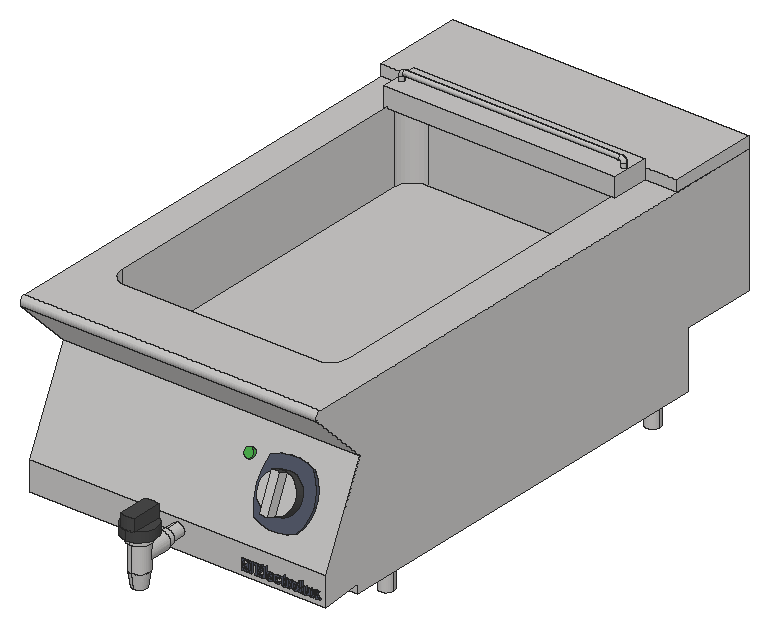
Revit family "QF_ELECTROLUXPROFESSIONAL_371142_E7FRED1E0N", category Specialty Equipment, Revit 2018
Family settings
  Round Connector Dimension = Use Diameter
  Part Type = Normal
  Work Plane-Based = No
  Always vertical = Yes
  Cut with Voids When Loaded = No
  Shared = No
  Room Calculation Point = No
Parameters
  Width = 400.05 mm  # constant formula
  Weight in Pounds = 55  # constant formula
  Watts = 8700 VA  # 8700 W
  Volts = 230 V  # constant formula
  URL Cutsheet = "www.electrolux.com/foodservice"
  URL = "www.electrolux.com/foodservice"
  Type Mark [instance] = ""
  Status [instance] = ""
  Specification by User [instance] = ""
  Specification by Manufacturer = ""
  Show Logo [instance] = yes
  Show Clearance [instance] = yes
  Serial Number = ""
  Seismic Rating = ""
  SMACNA No = ""
  Revision Code [instance] = ""
  Plumbing Remarks = ""
  Plumbing Connection Type = ""
  Phase = 3
  Omniclass Number and Title = ""
  Number of Poles [instance] = 1
  NAFEM Spec ID Number = ""
  Model = "371142"
  Min Ckt Ampacity = 0 A
  Max Overcurrent Protection = 0 A
  Masterspec = ""
  Manufacturer = "ELECTROLUX"
  Item Number [instance] = ""
  Installed By [instance] = ""
  Indirect Waste Size = 0"
  Indirect Waste Flow [instance] = 0 GPM
  Indirect Waste Connection Type = ""
  Indirect Waste Connection Height [instance] = 0 mm
  Identify Quantity as Lot [instance] = yes
  Height = 288.925 mm  # constant formula
  HP = "11.7 HP"
  Furnished By [instance] = ""
  Foodservice Equipment Identifier [instance] = yes
  FL Amps = if(Phase = 3, Watts / (Volts * 1.73), Watts / Volts)  # 21.8648 A
  Electrical Remarks [instance] = "230 V/3 ph/50/60 Hz"  # constant formula
  Electric Connection Type [instance] = ""
  Elec Conn RI Height [instance] = 0 mm
  Elec Conn Connection Height [instance] = 0 mm
  Direct Waste Size = 0"
  Description = "700XP Electric Fryer Tops"
  Depth = 730.25 mm  # constant formula
  Cycle [instance] = if([60 Hertz Option], 60 Hz, 50 Hz)  # 60 Hz
  Conn Plug = ""
  Conn Conduit = yes
  CSI MasterFormat = ""
  CSI Master Format = ""
  Base Height [instance] = 23.813 mm  # constant formula
  Apparent Power = if(Phase = 3, Volts * FL Amps * 1.73, Volts * FL Amps)  # 8700 VA
  60 Hertz Option [instance] = not([50 Hertz Option])  # yes
  50 Hertz Option [instance] = no
Reference planes
  plane 1 "BACK": y = 0
  plane 2: z = 0
  plane 3 "LEFT": x = 0
  plane 4 "RIGHT": x = 400.05
  plane 5 "FRONT": y = -730.25
  plane 6 "TOP": z = 288.925
  plane 7 "Center Y": x = 200.025
  plane 8 "Center X": y = -365.125
  plane 9 "BASE": z = 23.813
  plane 10 "TOP A": z = 273.813
  plane 11: y = -597.884
  plane 12: y = -147.637
Forms (mm)
  Extrusion 1, solid, material "QF_Finishes_Stainless Steel"
    sketch origin (0, 0, 0) x (0, 1, 0) y (0, 0, 1)
      loop
        line (0, 273.812) -> (-723.029, 273.812)
        arc (-723.029, 273.812) -> (-729.756, 269.318) -> (-728.178, 261.383) r 7.281
        line (-728.178, 261.383) -> (-657.416, 190.622) -> (-713.772, 69.003) -> (-713.772, 30.903) -> (-660.4, 36.513) -> (-660.4, 23.812) -> (-101.6, 23.812) -> (-101.6, 101.6) -> (0, 101.6) -> (0, 273.812)
    from 0 to 400.05
  Extrusion 2, solid, material "QF_Finishes_Stainless Steel"
    sketch origin (0, 0, 273.813) x (-1, 0, 0) y (0, -1, 0)
      loop
        line (0, 0) -> (0, 120.65) -> (-400.05, 120.65) -> (-400.05, 0) -> (0, 0)
    from 0 to 15.112
  Extrusion 3, void
    sketch origin (0, 0, 273.813) x (-1, 0, 0) y (0, -1, 0)
      loop
        arc (-72.425, 132.504) -> (-54.464, 139.943) -> (-47.025, 157.904) r 25.4
        line (-47.025, 157.904) -> (-47.025, 617.104)
        arc (-47.025, 617.104) -> (-54.464, 635.064) -> (-72.425, 642.504) r 25.4
        line (-72.425, 642.504) -> (-327.625, 642.504)
        arc (-327.625, 642.504) -> (-345.586, 635.064) -> (-353.025, 617.104) r 25.4
        line (-353.025, 617.104) -> (-353.025, 157.904)
        arc (-353.025, 157.904) -> (-345.586, 139.943) -> (-327.625, 132.504) r 25.4
        line (-327.625, 132.504) -> (-72.425, 132.504)
    from 0 to -101.6
  Extrusion 4, solid, material "QF_Finishes_Stainless Steel"
    sketch origin (0, 0, 0) x (1, 0, 0) y (0, 1, 0)
      loop
        circle (11.112, -147.638) r 9.525
      loop
        circle (11.112, -597.884) r 9.525
      loop
        circle (388.937, -147.638) r 9.525
      loop
        circle (388.937, -597.884) r 9.525
    from 0 to 23.813
  Extrusion 5, solid, material "QF_Finishes_Navy Blue"
    sketch origin (161.494, -713.772, 69.003) x (0, 0.420438, 0.907321) y (-1, 0, 0)
      loop
        arc (101.874, -132.62) -> (66.633, -125.291) -> (31.333, -132.326) r 90.202
        arc (31.333, -132.326) -> (24.501, -161.352) -> (31.333, -190.378) r 65.074
        arc (31.333, -190.378) -> (66.72, -203.451) -> (101.874, -189.765) r 53.183
        arc (101.874, -189.765) -> (108.505, -161.193) -> (101.874, -132.62) r 64.873
    from 0 to 3.175
  Extrusion 6, solid, material "QF_Finishes_Stainless Steel"
    sketch origin (161.494, -717.487, 68.538) x (0, 0.420438, 0.907321) y (-1, 0, 0)
      loop
        circle (68.826, -160.963) r 25.4
    from 0 to 12.7
  Extrusion 7, solid, material "QF_Finishes_Stainless Steel"
    sketch origin (161.494, -729.01, 73.878) x (0, 0.420438, 0.907321) y (-1, 0, 0)
      loop
        arc (93.558, -166.749) -> (94.226, -160.963) -> (93.558, -155.177) r 25.4
        line (93.558, -155.177) -> (44.094, -155.177)
        arc (44.094, -155.177) -> (43.426, -160.963) -> (44.094, -166.749) r 25.4
        line (44.094, -166.749) -> (93.558, -166.749)
    from 0 to 12.7
  Extrusion 8, solid, material "QF_Finishes_Green"
    sketch origin (175.781, -713.772, 69.003) x (0, 0.420438, 0.907321) y (-1, 0, 0)
      loop
        circle (94.363, -90.848) r 6.35
    from 0 to 3.175
  Revolve 9, solid, material "QF_Finishes_Stainless Steel"
    sketch origin (200.025, -15.821, 0) x (0, 1, 0) y (0, 0, 1)
      loop
        line (-763.176, 15.689) -> (-754.167, 15.689) -> (-750.551, 36.201) -> (-750.551, 72.541) -> (-747.273, 72.541) -> (-747.273, 80.421) -> (-740.923, 80.421) -> (-740.923, 93.121) -> (-763.176, 93.121) -> (-763.176, 15.689)
      axis (-763.176, 15.689) -> (-763.176, 93.121)
    angle from 0 to 360
  Revolve 10, solid, material "QF_Finishes_Stainless Steel"
    sketch origin (200.025, 0, 0) x (0, 1, 0) y (0, 0, 1)
      loop
        line (-713.772, 55.563) -> (-782.002, 55.563) -> (-782.002, 43.259) -> (-742.607, 43.259) -> (-742.607, 44.961) -> (-733.614, 44.961) -> (-733.614, 47.008) -> (-713.772, 47.008) -> (-713.772, 55.563)
      axis (-782.002, 55.563) -> (-713.772, 55.563)
    angle from 0 to 360
  Extrusion 11, solid, material "QF_Finishes_Black"
    sketch origin (200.025, -778.997, 93.121) x (0, 1, 0) y (-1, 0, 0)
      loop
        line (20.063, 9.626) -> (-20.063, 9.626)
        arc (-20.063, 9.626) -> (-22.253, 0) -> (-20.063, -9.626) r 22.253
        line (-20.063, -9.626) -> (20.063, -9.626)
        arc (20.063, -9.626) -> (22.253, 0) -> (20.063, 9.626) r 22.253
    from 0 to 16.412
  Extrusion 12, solid, material "QF_Finishes_Navy Blue", visible <- "Show Logo"
    sketch origin (0, -713.772, 30.903) x (0, 0, 1) y (-1, 0, 0)
      loop
        line (20.674, -296.698) -> (8.307, -296.698)
        arc (8.307, -296.698) -> (14.491, -301.27) -> (20.674, -296.698) r 6.467
      loop
        arc (20.674, -296.069) -> (19.505, -290.926) -> (14.849, -288.448) r 6.338
        line (14.849, -288.448) -> (14.849, -290.494)
        arc (14.849, -290.494) -> (16.333, -294.149) -> (19.778, -296.069) r 5.941
        line (19.778, -296.069) -> (20.674, -296.069)
      loop
        arc (9.203, -296.069) -> (12.648, -294.149) -> (14.132, -290.494) r 5.941
        line (14.132, -290.494) -> (14.132, -288.448)
        arc (14.132, -288.448) -> (9.438, -290.922) -> (8.148, -296.069) r 6.504
        line (8.148, -296.069) -> (9.203, -296.069)
      loop
        line (21.349, -287.979) -> (7.604, -287.979) -> (7.604, -301.742) -> (21.349, -301.742) -> (21.349, -287.979)
      loop
        arc (21.432, -304.71) -> (21.085, -304.352) -> (20.718, -304.69) r 0.358
        arc (20.718, -304.69) -> (20.404, -305.44) -> (19.687, -305.825) r 1.216
        line (19.687, -305.825) -> (9.274, -305.825)
        arc (9.274, -305.825) -> (8.614, -305.548) -> (8.218, -304.951) r 1.238
        arc (8.218, -304.951) -> (7.823, -304.7) -> (7.518, -305.054) r 0.358
        line (7.518, -305.054) -> (7.518, -314.933) -> (10.269, -314.933) -> (10.269, -314.036)
        arc (10.269, -314.036) -> (9.36, -313.456) -> (8.904, -312.479) r 1.928
        line (8.904, -312.479) -> (8.904, -309.98)
        arc (8.904, -309.98) -> (9.18, -309.251) -> (9.868, -308.887) r 1.101
        line (9.868, -308.887) -> (13.955, -308.887) -> (13.955, -312.561)
        arc (13.955, -312.561) -> (13.602, -313.058) -> (13.037, -313.286) r 1.083
        arc (13.037, -313.286) -> (12.773, -313.591) -> (13.065, -313.869) r 0.292
        line (13.065, -313.869) -> (16.028, -313.869)
        arc (16.028, -313.869) -> (16.33, -313.596) -> (16.092, -313.266) r 0.305
        arc (16.092, -313.266) -> (15.601, -313.018) -> (15.296, -312.561) r 1.083
        line (15.296, -312.561) -> (15.296, -308.887) -> (19.973, -308.887) -> (19.973, -312.635)
        arc (19.973, -312.635) -> (19.759, -313.39) -> (19.153, -313.888) r 1.314
        arc (19.153, -313.888) -> (18.934, -314.292) -> (19.288, -314.585) r 0.361
        line (19.288, -314.585) -> (21.432, -314.585) -> (21.432, -304.71)
      loop
        arc (20.715, -315.365) -> (20.335, -316.284) -> (19.416, -316.664) r 1.299
        line (19.416, -316.664) -> (9.837, -316.664)
        arc (9.837, -316.664) -> (8.999, -316.286) -> (8.728, -315.408) r 1.118
        line (8.728, -315.408) -> (7.518, -315.408) -> (7.518, -320.758) -> (8.706, -320.758)
        arc (8.706, -320.758) -> (8.978, -319.841) -> (9.848, -319.445) r 1.153
        line (9.848, -319.445) -> (21.92, -319.445) -> (20.715, -315.365)
      loop
        line (12.483, -323.394) -> (12.483, -329.842) -> (13.282, -329.842)
        arc (13.282, -329.842) -> (15.862, -328.857) -> (17.131, -326.404) r 3.874
        line (17.131, -326.404) -> (17.131, -324.643)
        arc (17.131, -324.643) -> (15.944, -321.778) -> (13.08, -320.592) r 4.051
        line (13.08, -320.592) -> (11.072, -320.592)
        arc (11.072, -320.592) -> (8.253, -322.077) -> (7.202, -325.084) r 4.352
        arc (7.202, -325.084) -> (7.566, -327.547) -> (8.943, -329.621) r 5.713
        line (8.943, -329.621) -> (9.892, -329.621)
        arc (9.892, -329.621) -> (9.16, -328.052) -> (8.943, -326.334) r 5.579
        arc (8.943, -326.334) -> (9.737, -324.371) -> (11.616, -323.394) r 3.057
        line (11.616, -323.394) -> (12.483, -323.394)
      loop
        line (13.742, -323.394) -> (13.742, -326.977)
        arc (13.742, -326.977) -> (15.199, -327.024) -> (16.082, -325.864) r 1.59
        line (16.082, -325.864) -> (16.082, -325.034)
        arc (16.082, -325.034) -> (15.217, -323.779) -> (13.742, -323.394) r 2.184
      loop
        arc (16.533, -339.259) -> (17.022, -337.585) -> (17.179, -335.848) r 9.023
        line (17.179, -335.848) -> (17.179, -334.486)
        arc (17.179, -334.486) -> (16.02, -331.686) -> (13.22, -330.527) r 3.959
        line (13.22, -330.527) -> (10.62, -330.527)
        arc (10.62, -330.527) -> (8.338, -331.819) -> (7.221, -334.192) r 4.331
        line (7.221, -334.192) -> (7.221, -336.327)
        arc (7.221, -336.327) -> (7.729, -337.877) -> (8.651, -339.223) r 5.772
        arc (8.651, -339.223) -> (9.412, -339.274) -> (9.499, -338.515) r 0.553
        arc (9.499, -338.515) -> (9.111, -337.781) -> (8.977, -336.962) r 2.573
        line (8.977, -336.962) -> (8.977, -335.447)
        arc (8.977, -335.447) -> (9.983, -333.806) -> (11.798, -333.163) r 2.884
        line (11.798, -333.163) -> (13.077, -333.163)
        arc (13.077, -333.163) -> (14.898, -333.723) -> (15.824, -335.388) r 2.554
        line (15.824, -335.388) -> (15.824, -336.441)
        arc (15.824, -336.441) -> (15.493, -337.369) -> (14.836, -338.104) r 2.564
        arc (14.836, -338.104) -> (14.614, -338.821) -> (15.223, -339.259) r 0.643
        line (15.223, -339.259) -> (16.533, -339.259)
      loop
        line (15.515, -339.53) -> (15.515, -341.031) -> (9.467, -341.031)
        arc (9.467, -341.031) -> (7.879, -341.688) -> (7.221, -343.276) r 2.246
        line (7.221, -343.276) -> (7.221, -344.86)
        arc (7.221, -344.86) -> (7.535, -345.725) -> (8.035, -346.496) r 4.06
        arc (8.035, -346.496) -> (8.768, -346.629) -> (9.019, -345.928) r 0.576
        arc (9.019, -345.928) -> (8.913, -345.403) -> (8.977, -344.87) r 1.69
        arc (8.977, -344.87) -> (9.519, -344.082) -> (10.425, -343.779) r 1.506
        line (10.425, -343.779) -> (15.563, -343.779) -> (15.563, -346.176) -> (16.119, -346.733) -> (16.941, -346.733) -> (16.941, -343.873) -> (20.172, -343.873) -> (15.515, -339.53)
      loop
        line (7.438, -347.63) -> (7.438, -353.017) -> (8.548, -353.017)
        arc (8.548, -353.017) -> (8.942, -352.066) -> (9.893, -351.672) r 1.345
        line (9.893, -351.672) -> (13.509, -351.672)
        arc (13.509, -351.672) -> (14.274, -352.264) -> (14.564, -353.186) r 1.615
        line (14.564, -353.186) -> (14.564, -354.742) -> (17.119, -355.427) -> (17.119, -354.044) -> (15.177, -351.485) -> (17.057, -351.485) -> (16.773, -348.779)
        arc (16.773, -348.779) -> (16.333, -348.249) -> (15.674, -348.45) r 0.621
        arc (15.674, -348.45) -> (15.274, -348.792) -> (14.78, -348.975) r 1.501
        line (14.78, -348.975) -> (9.893, -348.975)
        arc (9.893, -348.975) -> (8.942, -348.581) -> (8.548, -347.63) r 1.345
        line (8.548, -347.63) -> (7.438, -347.63)
      loop
        line (13.54, -354.964) -> (10.848, -354.964)
        arc (10.848, -354.964) -> (8.403, -356.272) -> (7.269, -358.803) r 4.288
        arc (7.269, -358.803) -> (7.205, -360.183) -> (7.269, -361.563) r 15.022
        arc (7.269, -361.563) -> (8.403, -364.094) -> (10.848, -365.401) r 4.288
        line (10.848, -365.401) -> (13.54, -365.401)
        arc (13.54, -365.401) -> (15.986, -364.094) -> (17.119, -361.563) r 4.288
        arc (17.119, -361.563) -> (17.183, -360.183) -> (17.119, -358.803) r 15.022
        arc (17.119, -358.803) -> (15.986, -356.272) -> (13.54, -354.964) r 4.288
      loop
        line (13.745, -358.078) -> (10.643, -358.078)
        arc (10.643, -358.078) -> (8.486, -360.235) -> (10.643, -362.392) r 2.157
        line (10.643, -362.392) -> (13.745, -362.392)
        arc (13.745, -362.392) -> (15.902, -360.235) -> (13.745, -358.078) r 2.157
      loop
        arc (20.726, -365.26) -> (20.355, -366.154) -> (19.461, -366.524) r 1.264
        line (19.461, -366.524) -> (9.597, -366.524)
        arc (9.597, -366.524) -> (8.727, -366.127) -> (8.455, -365.211) r 1.153
        line (8.455, -365.211) -> (7.518, -365.211) -> (7.518, -370.319) -> (8.446, -370.319)
        arc (8.446, -370.319) -> (8.805, -369.547) -> (9.597, -369.232) r 1.153
        line (9.597, -369.232) -> (21.92, -369.232) -> (20.726, -365.26)
      loop
        arc (15.846, -369.857) -> (15.647, -370.921) -> (14.678, -371.403) r 1.215
        line (14.678, -371.403) -> (9.658, -371.403)
        arc (9.658, -371.403) -> (8.043, -372.051) -> (7.322, -373.634) r 2.338
        line (7.322, -373.634) -> (7.322, -375.148)
        arc (7.322, -375.148) -> (7.497, -376.152) -> (7.999, -377.038) r 2.979
        line (7.999, -377.038) -> (7.518, -378.835) -> (7.518, -380.524) -> (16.943, -380.524) -> (16.649, -376.32) -> (15.863, -376.32)
        arc (15.863, -376.32) -> (15.507, -377.156) -> (14.755, -377.665) r 1.605
        line (14.755, -377.665) -> (9.652, -377.665)
        arc (9.652, -377.665) -> (9.232, -376.728) -> (9.159, -375.704) r 2.94
        arc (9.159, -375.704) -> (9.72, -374.603) -> (10.873, -374.16) r 1.724
        line (10.873, -374.16) -> (17.07, -374.16) -> (15.846, -369.857)
      loop
        line (16.874, -381.377) -> (15.202, -383.423) -> (12.028, -385.729) -> (8.572, -382.617)
        arc (8.572, -382.617) -> (8.335, -382.223) -> (8.357, -381.764) r 0.789
        line (8.357, -381.764) -> (7.518, -381.764) -> (7.518, -385.309) -> (8.344, -385.309)
        arc (8.344, -385.309) -> (8.686, -384.947) -> (9.176, -385.039) r 0.52
        line (9.176, -385.039) -> (10.976, -386.51) -> (8.858, -387.886)
        arc (8.858, -387.886) -> (8.457, -387.576) -> (8.37, -387.076) r 0.7
        line (8.37, -387.076) -> (7.518, -387.076) -> (7.518, -393.003) -> (8.405, -393.003)
        arc (8.405, -393.003) -> (8.472, -392.344) -> (8.866, -391.813) r 1.247
        line (8.866, -391.813) -> (13.066, -388.532) -> (15.513, -390.585) -> (16.874, -392.327) -> (16.874, -388.604) -> (15.389, -389.026) -> (13.868, -387.749) -> (15.568, -386.559) -> (16.874, -387.336) -> (16.874, -381.377)
    from 0 to 1.644
  Extrusion 13, solid, material "QF_Finishes_Stainless Steel"
    sketch origin (0, -101.6, 101.6) x (0, 0, -1) y (-1, 0, 0)
      loop
        circle (43.882, -350.05) r 12.7
    from 0 to 12.7
  Extrusion 14, solid, material "QF_Finishes_Clearance", visible <- "Show Clearance", detail levels coarse
    sketch origin (0, 0, 0) x (1, 0, 0) y (0, 1, 0)
      loop
        line (0, -730.25) -> (0, 0) -> (400.05, 0) -> (400.05, -730.25) -> (550.069, -730.25) -> (550.069, 150.019) -> (-150.019, 150.019) -> (-150.019, -730.25) -> (0, -730.25)
    from 0 to 288.925
  Extrusion 15, solid, material "QF_Finishes_Stainless Steel"
    sketch origin (0, -713.772, 30.903) x (0, 0, 1) y (-1, 0, 0)
      loop
        line (242.91, -43.85) -> (242.91, -356.2) -> (267.91, -356.2) -> (267.91, -43.85) -> (242.91, -43.85)
    from -593.122 to -543.352
  Sweep 16, solid, material "QF_Finishes_Stainless Steel"
    path origin (0, -713.772, 30.903) x (0, 0, 1) y (-1, 0, 0)
      loop
        line (267.91, -50) -> (273.91, -50)
        arc (273.91, -50) -> (276.738, -51.172) -> (277.91, -54) r 4
        line (277.91, -54) -> (277.91, -346.05)
        arc (277.91, -346.05) -> (276.738, -348.878) -> (273.91, -350.05) r 4
        line (273.91, -350.05) -> (267.91, -350.05)
    profile origin (50, -713.772, 301.812) x (-1, 0, 0) y (0, -1, 0)
      loop
        circle (0, -566.134) r 3.175
Cuts and joins
  Extrusion 3 cuts Extrusion 1
  joined: Extrusion 6, Extrusion 7
Lines and regions (mm)
  symbolic lines, style "QF-Clearances", visible <- "Show Clearance", detail levels coarse
    curve 1: line (-150.019, 150.019, 273.813) -> (-150.019, -730.25, 273.813)
    curve 2: line (550.069, 150.019, 273.812) -> (-150.019, 150.019, 273.813)
    curve 3: line (550.069, -730.25, 273.812) -> (550.069, 150.019, 273.812)
  symbolic lines
    curve 4: line (0, 0, 273.813) -> (400.05, 0, 273.812)
    curve 5: line (0, -730.25, 273.813) -> (0, 0, 273.813)
    curve 6: line (400.05, 0, 273.812) -> (400.05, -730.25, 273.812)
    curve 7: line (47.025, -157.904, 273.813) -> (47.025, -617.104, 273.813)
    curve 8: arc (47.025, -617.104, 273.813) -> (54.464, -635.064, 273.813) -> (72.425, -642.504, 273.813) r 25.4
    curve 9: line (72.425, -642.504, 273.813) -> (327.625, -642.504, 273.812)
    curve 10: arc (327.625, -642.504, 273.812) -> (345.586, -635.064, 273.812) -> (353.025, -617.104, 273.812) r 25.4
    curve 11: line (353.025, -617.104, 273.812) -> (353.025, -157.904, 273.812)
    curve 12: line (327.625, -132.504, 273.812) -> (72.425, -132.504, 273.813)
    curve 13: line (0, -120.65, 273.813) -> (400.05, -120.65, 273.812)
    curve 14: line (0, -69.85, 273.813) -> (0, -120.65, 273.813)
    curve 15: circle (200.025, -778.997, 273.812) r 22.253 normal (0, 0, 1)
    curve 16: line (400.05, -730.25, 273.812) -> (0, -730.25, 273.813)
    curve 17: line (209.651, -799.06, 273.812) -> (209.651, -758.934, 273.812)
    curve 18: line (190.399, -799.06, 273.812) -> (190.399, -758.934, 273.812)
    curve 19: arc (72.425, -132.504, 273.813) -> (54.464, -139.943, 273.813) -> (47.025, -157.904, 273.813) r 25.4
    curve 20: arc (327.625, -132.504, 273.812) -> (345.586, -139.943, 273.812) -> (353.025, -157.904, 273.812) r 25.4
    curve 21: line (189.354, -759.47, 273.812) -> (189.354, -730.25, 273.812)
    curve 22: line (210.696, -759.47, 273.812) -> (210.696, -730.25, 273.812)
Dimensions and locks
  equal spacing: plane 3 "LEFT", plane 7 "Center Y", plane 4 "RIGHT"
  "Width": plane 3 "LEFT" to plane 4 "RIGHT"
  equal spacing: plane 5 "FRONT", plane 8 "Center X", plane 1 "BACK"
  "Depth": plane 5 "FRONT" to plane 1 "BACK"
  "Height": plane 6 "TOP" to level
  plane 1 "BACK" to plane 5 "FRONT" = 730.25 mm
  "Base Height": plane 9 "BASE" to level
  plane 10 "TOP A" to plane 9 "BASE" = 250 mm
  aligned and locked: level to plane 2
  aligned and locked: plane 4 "RIGHT" to Extrusion 1
  aligned and locked: plane 6 "TOP" to Extrusion 2
  aligned and locked: plane 9 "BASE" to Extrusion 4
  aligned and locked: plane 6 "TOP" to Extrusion 14
Automatic sketch dimensions
  Extrusion 2 sketch curve to plane 3 "LEFT" = 0 mm
  Extrusion 2 sketch curve to Extrusion 2 sketch curve = 400.05 mm
  plane 1 "BACK" to Extrusion 2 sketch curve = 0 mm
  Extrusion 2 sketch curve to plane 12 = 26.988 mm
  plane 11 to Extrusion 4 sketch curve = 0 mm  (x2)
  plane 12 to Extrusion 4 sketch curve = 0 mm  (x2)
  plane 3 "LEFT" to Extrusion 4 sketch curve = 11.112 mm  (x2)
  Extrusion 4 sketch curve to plane 4 "RIGHT" = 11.113 mm  (x2)
  Extrusion 5 sketch curve to Extrusion 1 = 31.333 mm  (x2)
  Extrusion 5 sketch curve to Extrusion 5 sketch curve = 12.3 mm  (x3)
  Extrusion 1 to Extrusion 5 sketch curve = 23.064 mm
  Extrusion 5 sketch curve to Extrusion 5 sketch curve = 34.925 mm  (x2)
  Extrusion 1 to Extrusion 5 sketch curve = 44.467 mm
  Extrusion 5 sketch curve to Extrusion 5 sketch curve = 25.114 mm
  Extrusion 5 sketch curve to Extrusion 5 sketch curve = 25.727 mm
  Extrusion 5 sketch curve to Extrusion 5 sketch curve = 29.185 mm
  Extrusion 7 sketch curve to Extrusion 7 sketch curve = 24.732 mm
  Extrusion 7 sketch curve to Extrusion 7 sketch curve = 0 mm
  Extrusion 1 to Extrusion 8 sketch curve = 39.678 mm
  Extrusion 1 to Extrusion 8 sketch curve = 133.421 mm
  Revolve 9 sketch curve to plane 9 "BASE" = 8.123 mm
  plane 5 "FRONT" to Revolve 9 sketch curve = 48.747 mm
  Revolve 9 sketch curve to Revolve 9 sketch curve = 0 mm
  Revolve 9 sketch curve to Revolve 9 sketch curve = 9.009 mm
  plane 5 "FRONT" to Revolve 9 sketch curve = 36.122 mm
  Revolve 9 sketch curve to Revolve 9 sketch curve = 3.277 mm
  Revolve 9 sketch curve to Revolve 9 sketch curve = 6.35 mm
  plane 9 "BASE" to Revolve 9 sketch curve = 12.388 mm
  Revolve 9 sketch curve to Revolve 9 sketch curve = 36.341 mm
  Revolve 9 sketch curve to Revolve 9 sketch curve = 7.879 mm
  Revolve 9 sketch curve to Revolve 9 sketch curve = 12.7 mm  (x2)
  Revolve 9 sketch curve to Revolve 9 sketch curve = 15.064 mm
  plane 5 "FRONT" to Revolve 10 sketch curve = 51.752 mm
  plane 5 "FRONT" to Revolve 10 sketch curve = 12.357 mm
  plane 5 "FRONT" to Revolve 10 sketch curve = 3.364 mm
  Revolve 10 sketch curve to plane 5 "FRONT" = 16.478 mm
  Revolve 10 sketch curve to Revolve 10 sketch curve = 0 mm  (x2)
  Revolve 10 sketch curve to Revolve 10 sketch curve = 9.137 mm
  plane 9 "BASE" to Revolve 10 sketch curve = 19.447 mm
  Revolve 10 sketch curve to Revolve 10 sketch curve = 1.702 mm
  Revolve 10 sketch curve to Revolve 10 sketch curve = 2.047 mm
  Revolve 10 sketch curve to Revolve 10 sketch curve = 12.303 mm
  Extrusion 11 sketch curve to Revolve 9 = 9.626 mm
  Revolve 9 to Extrusion 11 sketch curve = 9.626 mm
  Extrusion 11 sketch curve to Extrusion 11 sketch curve = 0 mm
  Extrusion 12 sketch curve to Extrusion 1 = 2.161 mm
  Extrusion 12 sketch curve to Extrusion 1 = 7.202 mm
  Extrusion 12 sketch curve to Extrusion 1 = 7.221 mm  (x2)
  Extrusion 12 sketch curve to Extrusion 12 sketch curve = 5.108 mm  (x2)
  Extrusion 12 sketch curve to Extrusion 12 sketch curve = 0 mm  (x27)
  Extrusion 12 sketch curve to Extrusion 1 = 7.322 mm
  Extrusion 12 sketch curve to Extrusion 12 sketch curve = 0.218 mm
  Extrusion 12 sketch curve to Extrusion 12 sketch curve = 0.195 mm
  Extrusion 12 sketch curve to Extrusion 12 sketch curve = 0.249 mm
  Extrusion 12 sketch curve to Extrusion 1 = 7.518 mm
  Extrusion 12 sketch curve to Extrusion 12 sketch curve = 0.087 mm
  Extrusion 12 sketch curve to Extrusion 12 sketch curve = 0.358 mm
  Extrusion 12 sketch curve to Extrusion 12 sketch curve = 0.481 mm
  Extrusion 12 sketch curve to Extrusion 12 sketch curve = 0.597 mm
  Extrusion 12 sketch curve to Extrusion 12 sketch curve = 0.544 mm
  Extrusion 12 sketch curve to Extrusion 12 sketch curve = 0.936 mm
  Extrusion 12 sketch curve to Extrusion 12 sketch curve = 0.594 mm
  Extrusion 12 sketch curve to Extrusion 12 sketch curve = 0.343 mm
  Extrusion 12 sketch curve to Extrusion 12 sketch curve = 0.159 mm
  Extrusion 12 sketch curve to Extrusion 12 sketch curve = 0.826 mm
  Extrusion 12 sketch curve to Extrusion 12 sketch curve = 0.839 mm
  Extrusion 12 sketch curve to Extrusion 12 sketch curve = 0.852 mm
  Extrusion 12 sketch curve to Extrusion 12 sketch curve = 0.887 mm
  Extrusion 12 sketch curve to Extrusion 12 sketch curve = 0.928 mm
  Extrusion 12 sketch curve to Extrusion 12 sketch curve = 0.938 mm
  Extrusion 12 sketch curve to Extrusion 12 sketch curve = 0.444 mm
  Extrusion 12 sketch curve to Extrusion 12 sketch curve = 1.11 mm  (x3)
  Extrusion 12 sketch curve to Extrusion 12 sketch curve = 0.215 mm
  Extrusion 12 sketch curve to Extrusion 12 sketch curve = 1.43 mm
  Extrusion 12 sketch curve to Extrusion 12 sketch curve = 1.188 mm
  Extrusion 12 sketch curve to Extrusion 12 sketch curve = 1.21 mm  (x2)
  Extrusion 12 sketch curve to Extrusion 12 sketch curve = 0.503 mm
  Extrusion 12 sketch curve to Extrusion 12 sketch curve = 0.488 mm
  Extrusion 12 sketch curve to Extrusion 12 sketch curve = 0.462 mm
  Extrusion 12 sketch curve to Extrusion 12 sketch curve = 1.386 mm
  Extrusion 12 sketch curve to Extrusion 12 sketch curve = 1.742 mm  (x2)
  Extrusion 12 sketch curve to Extrusion 12 sketch curve = 0.821 mm
  Extrusion 12 sketch curve to Extrusion 12 sketch curve = 0.497 mm
  Extrusion 12 sketch curve to Extrusion 12 sketch curve = 0.539 mm
  Extrusion 12 sketch curve to Extrusion 12 sketch curve = 0.686 mm
  Extrusion 12 sketch curve to Extrusion 12 sketch curve = 0.408 mm
  Extrusion 12 sketch curve to Extrusion 12 sketch curve = 0.743 mm
  Extrusion 12 sketch curve to Extrusion 12 sketch curve = 1.16 mm
  Extrusion 12 sketch curve to Extrusion 12 sketch curve = 0.329 mm
  Extrusion 12 sketch curve to Extrusion 12 sketch curve = 1.054 mm
  Extrusion 12 sketch curve to Extrusion 12 sketch curve = 1.056 mm
  Extrusion 12 sketch curve to Extrusion 12 sketch curve = 0.129 mm
  Extrusion 12 sketch curve to Extrusion 12 sketch curve = 0.489 mm
  Extrusion 12 sketch curve to Extrusion 12 sketch curve = 0.441 mm
  Extrusion 12 sketch curve to Extrusion 12 sketch curve = 1.151 mm
  Extrusion 12 sketch curve to Extrusion 12 sketch curve = 1.141 mm  (x2)
  Extrusion 12 sketch curve to Extrusion 12 sketch curve = 0.768 mm
  Extrusion 12 sketch curve to Extrusion 12 sketch curve = 1.653 mm
  Extrusion 12 sketch curve to Extrusion 12 sketch curve = 0.499 mm
  Extrusion 12 sketch curve to Extrusion 12 sketch curve = 0.964 mm
  Extrusion 12 sketch curve to Extrusion 12 sketch curve = 0.949 mm
  Extrusion 12 sketch curve to Extrusion 12 sketch curve = 1.345 mm  (x3)
  Extrusion 12 sketch curve to Extrusion 12 sketch curve = 1.101 mm
  Extrusion 12 sketch curve to Extrusion 12 sketch curve = 0.432 mm
  Extrusion 12 sketch curve to Extrusion 12 sketch curve = 1.142 mm
  Extrusion 12 sketch curve to Extrusion 12 sketch curve = 0.959 mm
  Extrusion 12 sketch curve to Extrusion 12 sketch curve = 0.176 mm
  Extrusion 12 sketch curve to Extrusion 12 sketch curve = 0.728 mm
  Extrusion 12 sketch curve to Extrusion 12 sketch curve = 3.375 mm  (x2)
  Extrusion 12 sketch curve to Extrusion 12 sketch curve = 0.541 mm
  Extrusion 12 sketch curve to Extrusion 12 sketch curve = 0.955 mm
  Extrusion 12 sketch curve to Extrusion 12 sketch curve = 1.251 mm
  Extrusion 12 sketch curve to Extrusion 12 sketch curve = 0.572 mm
  Extrusion 12 sketch curve to Extrusion 12 sketch curve = 1.92 mm
  Extrusion 12 sketch curve to Extrusion 12 sketch curve = 1.224 mm
  Extrusion 12 sketch curve to Extrusion 12 sketch curve = 0.745 mm
  Extrusion 12 sketch curve to Extrusion 12 sketch curve = 2.537 mm
  Extrusion 12 sketch curve to Extrusion 12 sketch curve = 0.896 mm  (x3)
  Extrusion 12 sketch curve to Extrusion 12 sketch curve = 0.036 mm
  Extrusion 12 sketch curve to Extrusion 12 sketch curve = 2.607 mm
  Extrusion 12 sketch curve to Extrusion 12 sketch curve = 0.066 mm
  Extrusion 12 sketch curve to Extrusion 12 sketch curve = 0.248 mm
  Extrusion 12 sketch curve to Extrusion 12 sketch curve = 0.449 mm
  Extrusion 12 sketch curve to Extrusion 12 sketch curve = 1.052 mm
  Extrusion 12 sketch curve to Extrusion 12 sketch curve = 1.863 mm
  Extrusion 12 sketch curve to Extrusion 12 sketch curve = 1.31 mm  (x2)
  Extrusion 12 sketch curve to Extrusion 12 sketch curve = 0.901 mm
  Extrusion 12 sketch curve to Extrusion 12 sketch curve = 1.107 mm
  Extrusion 12 sketch curve to Extrusion 12 sketch curve = 2.122 mm
  Extrusion 12 sketch curve to Extrusion 12 sketch curve = 2.101 mm
  Extrusion 12 sketch curve to Extrusion 12 sketch curve = 0.106 mm
  Extrusion 12 sketch curve to Extrusion 12 sketch curve = 0.029 mm
  Extrusion 12 sketch curve to Extrusion 12 sketch curve = 2.09 mm
  Extrusion 12 sketch curve to Extrusion 12 sketch curve = 1.279 mm
  Extrusion 12 sketch curve to Extrusion 12 sketch curve = 2.008 mm
  Extrusion 12 sketch curve to Extrusion 12 sketch curve = 0.738 mm
  Extrusion 12 sketch curve to Extrusion 12 sketch curve = 0.382 mm
  Extrusion 12 sketch curve to Extrusion 12 sketch curve = 0.384 mm
  Extrusion 12 sketch curve to Extrusion 12 sketch curve = 0.002 mm
  Extrusion 12 sketch curve to Extrusion 12 sketch curve = 0.561 mm
  Extrusion 12 sketch curve to Extrusion 12 sketch curve = 0.592 mm
  Extrusion 12 sketch curve to Extrusion 12 sketch curve = 2.692 mm
  Extrusion 12 sketch curve to Extrusion 12 sketch curve = 1.259 mm
  Extrusion 12 sketch curve to Extrusion 12 sketch curve = 0.802 mm
  Extrusion 12 sketch curve to Extrusion 12 sketch curve = 1.024 mm
  Extrusion 12 sketch curve to Extrusion 12 sketch curve = 0.682 mm
  Extrusion 12 sketch curve to Extrusion 12 sketch curve = 5.934 mm
  Extrusion 12 sketch curve to Extrusion 12 sketch curve = 2.186 mm
  Extrusion 12 sketch curve to Extrusion 12 sketch curve = 0.337 mm
  Extrusion 12 sketch curve to Extrusion 12 sketch curve = 0.021 mm
  Extrusion 12 sketch curve to Extrusion 12 sketch curve = 1.005 mm
  Extrusion 12 sketch curve to Extrusion 12 sketch curve = 0.552 mm
  Extrusion 12 sketch curve to Extrusion 12 sketch curve = 0.778 mm
  Extrusion 12 sketch curve to Extrusion 12 sketch curve = 0.063 mm
  Extrusion 12 sketch curve to Extrusion 12 sketch curve = 1.023 mm
  Extrusion 12 sketch curve to Extrusion 12 sketch curve = 3.804 mm
  Extrusion 12 sketch curve to Extrusion 12 sketch curve = 0.486 mm
  Extrusion 12 sketch curve to Extrusion 12 sketch curve = 0.266 mm
  Extrusion 12 sketch curve to Extrusion 12 sketch curve = 1.547 mm
  Extrusion 12 sketch curve to Extrusion 12 sketch curve = 0.717 mm  (x2)
  Extrusion 12 sketch curve to Extrusion 12 sketch curve = 1.667 mm
  Extrusion 12 sketch curve to Extrusion 12 sketch curve = 3.174 mm
  Extrusion 12 sketch curve to Extrusion 12 sketch curve = 0.388 mm
  Extrusion 12 sketch curve to Extrusion 12 sketch curve = 1.342 mm
  Extrusion 12 sketch curve to Extrusion 12 sketch curve = 1.521 mm
  Extrusion 12 sketch curve to Extrusion 12 sketch curve = 0.124 mm
  Extrusion 12 sketch curve to Extrusion 12 sketch curve = 0.291 mm
  Extrusion 12 sketch curve to Extrusion 12 sketch curve = 1.049 mm  (x2)
  Extrusion 12 sketch curve to Extrusion 12 sketch curve = 1.7 mm
  Extrusion 12 sketch curve to Extrusion 12 sketch curve = 0.894 mm
  Extrusion 12 sketch curve to Extrusion 12 sketch curve = 0.989 mm
  Extrusion 12 sketch curve to Extrusion 12 sketch curve = 1.168 mm
  Extrusion 12 sketch curve to Extrusion 12 sketch curve = 1.594 mm
  Extrusion 12 sketch curve to Extrusion 12 sketch curve = 0.731 mm
  Extrusion 12 sketch curve to Extrusion 12 sketch curve = 1.566 mm
  Extrusion 12 sketch curve to Extrusion 12 sketch curve = 0.064 mm
  Extrusion 12 sketch curve to Extrusion 12 sketch curve = 0.556 mm  (x2)
  Extrusion 12 sketch curve to Extrusion 12 sketch curve = 0.48 mm
  Extrusion 12 sketch curve to Extrusion 12 sketch curve = 0.228 mm
  Extrusion 12 sketch curve to Extrusion 12 sketch curve = 1.018 mm
  Extrusion 12 sketch curve to Extrusion 12 sketch curve = 0.787 mm
  Extrusion 12 sketch curve to Extrusion 12 sketch curve = 0.618 mm
  Extrusion 12 sketch curve to Extrusion 12 sketch curve = 1.672 mm
  Extrusion 1 to Extrusion 12 sketch curve = 7.723 mm
  Extrusion 12 sketch curve to Extrusion 12 sketch curve = 1.361 mm
  Extrusion 12 sketch curve to Extrusion 12 sketch curve = 0.822 mm
  Extrusion 12 sketch curve to Extrusion 12 sketch curve = 0.069 mm
  Extrusion 12 sketch curve to Extrusion 12 sketch curve = 1.88 mm
  Extrusion 12 sketch curve to Extrusion 12 sketch curve = 0.42 mm
  Extrusion 12 sketch curve to Extrusion 12 sketch curve = 0.062 mm
  Extrusion 12 sketch curve to Extrusion 12 sketch curve = 1.355 mm
  Extrusion 12 sketch curve to Extrusion 12 sketch curve = 2.34 mm
  Extrusion 12 sketch curve to Extrusion 12 sketch curve = 0.493 mm
  Extrusion 12 sketch curve to Extrusion 12 sketch curve = 0.136 mm
  Extrusion 12 sketch curve to Extrusion 12 sketch curve = 0.128 mm
  Extrusion 12 sketch curve to Extrusion 12 sketch curve = 3.616 mm
  Extrusion 12 sketch curve to Extrusion 12 sketch curve = 4.207 mm
  Extrusion 12 sketch curve to Extrusion 12 sketch curve = 0.183 mm
  Extrusion 12 sketch curve to Extrusion 12 sketch curve = 0.895 mm
  Extrusion 12 sketch curve to Extrusion 12 sketch curve = 1.314 mm
  Extrusion 12 sketch curve to Extrusion 12 sketch curve = 3.231 mm
  Extrusion 12 sketch curve to Extrusion 12 sketch curve = 1.299 mm
  Extrusion 12 sketch curve to Extrusion 12 sketch curve = 1.214 mm
  Extrusion 12 sketch curve to Extrusion 12 sketch curve = 1.264 mm
  Extrusion 12 sketch curve to Extrusion 12 sketch curve = 0.109 mm
  Extrusion 12 sketch curve to Extrusion 12 sketch curve = 0.357 mm
  Extrusion 12 sketch curve to Extrusion 12 sketch curve = 0.565 mm
  Extrusion 12 sketch curve to Extrusion 12 sketch curve = 2.504 mm
  Extrusion 12 sketch curve to Extrusion 12 sketch curve = 2.459 mm
  Extrusion 1 to Extrusion 12 sketch curve = 7.255 mm
  Extrusion 12 sketch curve to Extrusion 12 sketch curve = 0.208 mm
  Extrusion 12 sketch curve to Extrusion 12 sketch curve = 1.559 mm
  Extrusion 12 sketch curve to Extrusion 12 sketch curve = 0.422 mm  (x2)
  Extrusion 12 sketch curve to Extrusion 12 sketch curve = 0.494 mm
  Extrusion 12 sketch curve to Extrusion 12 sketch curve = 3.927 mm
  Extrusion 12 sketch curve to Extrusion 12 sketch curve = 0.782 mm
  Extrusion 12 sketch curve to Extrusion 12 sketch curve = 1.268 mm
  Extrusion 12 sketch curve to Extrusion 12 sketch curve = 0.671 mm
  Extrusion 12 sketch curve to Extrusion 12 sketch curve = 0.777 mm
  Extrusion 12 sketch curve to Extrusion 12 sketch curve = 0.704 mm
  Extrusion 12 sketch curve to Extrusion 12 sketch curve = 0.781 mm  (x2)
  Extrusion 12 sketch curve to Extrusion 12 sketch curve = 1.634 mm
  Extrusion 12 sketch curve to Extrusion 12 sketch curve = 0.132 mm
  Extrusion 12 sketch curve to Extrusion 12 sketch curve = 3.136 mm
  Extrusion 12 sketch curve to Extrusion 12 sketch curve = 2.422 mm
  Extrusion 12 sketch curve to Extrusion 12 sketch curve = 0.586 mm
  Extrusion 12 sketch curve to Extrusion 12 sketch curve = 2.046 mm  (x2)
  Extrusion 12 sketch curve to Extrusion 12 sketch curve = 1.241 mm
  Extrusion 12 sketch curve to Extrusion 12 sketch curve = 1.689 mm
  Extrusion 12 sketch curve to Extrusion 12 sketch curve = 2.859 mm
  Extrusion 12 sketch curve to Extrusion 12 sketch curve = 0.627 mm
  Extrusion 12 sketch curve to Extrusion 12 sketch curve = 0.863 mm
  Extrusion 12 sketch curve to Extrusion 12 sketch curve = 0.419 mm
  Extrusion 12 sketch curve to Extrusion 12 sketch curve = 1.514 mm
  Extrusion 12 sketch curve to Extrusion 12 sketch curve = 1.019 mm
  Extrusion 12 sketch curve to Extrusion 12 sketch curve = 0.065 mm
  Extrusion 12 sketch curve to Extrusion 12 sketch curve = 1.215 mm
  Extrusion 12 sketch curve to Extrusion 12 sketch curve = 2.708 mm
  Extrusion 12 sketch curve to Extrusion 12 sketch curve = 1.122 mm
  Extrusion 12 sketch curve to Extrusion 12 sketch curve = 1.153 mm
  Extrusion 12 sketch curve to Extrusion 12 sketch curve = 3.009 mm
  Extrusion 12 sketch curve to Extrusion 12 sketch curve = 0.829 mm  (x2)
  Extrusion 12 sketch curve to Extrusion 12 sketch curve = 0.934 mm
  Extrusion 12 sketch curve to Extrusion 12 sketch curve = 3.376 mm
  Extrusion 12 sketch curve to Extrusion 12 sketch curve = 0.222 mm
  Extrusion 12 sketch curve to Extrusion 12 sketch curve = 1.383 mm
  Extrusion 12 sketch curve to Extrusion 12 sketch curve = 1.556 mm
  Extrusion 12 sketch curve to Extrusion 12 sketch curve = 2.559 mm
  Extrusion 12 sketch curve to Extrusion 12 sketch curve = 2.51 mm
  Extrusion 12 sketch curve to Extrusion 12 sketch curve = 0.131 mm
  Extrusion 12 sketch curve to Extrusion 12 sketch curve = 1.717 mm
  Extrusion 12 sketch curve to Extrusion 12 sketch curve = 1.134 mm
  Extrusion 12 sketch curve to Extrusion 12 sketch curve = 0.366 mm
  Extrusion 12 sketch curve to Extrusion 12 sketch curve = 0.094 mm
  Extrusion 12 sketch curve to Extrusion 12 sketch curve = 1.584 mm
  Extrusion 12 sketch curve to Extrusion 12 sketch curve = 1.501 mm
  Extrusion 12 sketch curve to Extrusion 12 sketch curve = 0.27 mm
  Extrusion 12 sketch curve to Extrusion 12 sketch curve = 1.808 mm
  Extrusion 12 sketch curve to Extrusion 12 sketch curve = 0.643 mm
  Extrusion 12 sketch curve to Extrusion 12 sketch curve = 0.916 mm
  Extrusion 12 sketch curve to Extrusion 12 sketch curve = 0.352 mm
  Extrusion 12 sketch curve to Extrusion 12 sketch curve = 0.458 mm
  Extrusion 12 sketch curve to Extrusion 12 sketch curve = 1.282 mm
  Extrusion 12 sketch curve to Extrusion 12 sketch curve = 1.363 mm
  Extrusion 12 sketch curve to Extrusion 12 sketch curve = 0.685 mm
  Extrusion 12 sketch curve to Extrusion 12 sketch curve = 0.905 mm
  Extrusion 12 sketch curve to Extrusion 12 sketch curve = 2.865 mm
  Extrusion 12 sketch curve to Extrusion 12 sketch curve = 0.472 mm
  Extrusion 12 sketch curve to Extrusion 12 sketch curve = 0.101 mm
  Extrusion 12 sketch curve to Extrusion 12 sketch curve = 0.54 mm
  Extrusion 12 sketch curve to Extrusion 12 sketch curve = 0.02 mm
  Extrusion 12 sketch curve to Extrusion 12 sketch curve = 0.468 mm
  Extrusion 12 sketch curve to Extrusion 12 sketch curve = 0.582 mm
  Extrusion 12 sketch curve to Extrusion 12 sketch curve = 0.166 mm
  Extrusion 12 sketch curve to Extrusion 12 sketch curve = 0.16 mm
  Extrusion 12 sketch curve to Extrusion 12 sketch curve = 2.781 mm
  Extrusion 12 sketch curve to Extrusion 12 sketch curve = 1.118 mm
  Extrusion 12 sketch curve to Extrusion 12 sketch curve = 0.613 mm
  Extrusion 12 sketch curve to Extrusion 12 sketch curve = 0.361 mm
  Extrusion 12 sketch curve to Extrusion 12 sketch curve = 0.897 mm
  Extrusion 12 sketch curve to Extrusion 12 sketch curve = 0.167 mm
  Extrusion 12 sketch curve to Extrusion 12 sketch curve = 0.292 mm
  Extrusion 12 sketch curve to Extrusion 12 sketch curve = 0.305 mm
  Extrusion 12 sketch curve to Extrusion 12 sketch curve = 1.557 mm
  Extrusion 12 sketch curve to Extrusion 12 sketch curve = 2.499 mm
  Extrusion 12 sketch curve to Extrusion 12 sketch curve = 3.062 mm
  Extrusion 12 sketch curve to Extrusion 12 sketch curve = 2.968 mm
  Extrusion 12 sketch curve to Extrusion 12 sketch curve = 5.044 mm
  Extrusion 12 sketch curve to Extrusion 12 sketch curve = 0.629 mm  (x2)
  Extrusion 12 sketch curve to Extrusion 12 sketch curve = 1.131 mm
  Extrusion 12 sketch curve to Extrusion 12 sketch curve = 0.137 mm
  Extrusion 12 sketch curve to Extrusion 12 sketch curve = 0.027 mm
  Extrusion 12 sketch curve to Extrusion 12 sketch curve = 2.235 mm
  Extrusion 1 to Extrusion 13 sketch curve = 33.906 mm
  plane 1 "BACK" to Extrusion 14 sketch curve = 0 mm
  Extrusion 14 sketch curve to plane 3 "LEFT" = 0 mm
  Extrusion 14 sketch curve to plane 4 "RIGHT" = 0 mm
  Extrusion 14 sketch curve to plane 3 "LEFT" = 150.019 mm
  plane 5 "FRONT" to Extrusion 14 sketch curve = 0 mm  (x2)
  plane 4 "RIGHT" to Extrusion 14 sketch curve = 150.019 mm
  Extrusion 14 sketch curve to plane 1 "BACK" = 150.019 mm
  curve 6 to plane 4 "RIGHT" = 0 mm
  curve 15 to plane 7 "Center Y" = 0 mm
  curve 5 to plane 3 "LEFT" = 0 mm
  curve 14 to plane 3 "LEFT" = 0 mm
  plane 1 "BACK" to curve 4 = 0 mm
  plane 5 "FRONT" to curve 3 = 0 mm
  plane 4 "RIGHT" to curve 3 = 150.019 mm
  curve 20 to plane 4 "RIGHT" = 47.025 mm
  curve 20 to plane 12 = 15.134 mm
  curve 11 to curve 20 = 25.4 mm
  curve 11 to curve 10 = 25.4 mm
  curve 22 to plane 5 "FRONT" = 0 mm
  plane 7 "Center Y" to curve 22 = 10.671 mm
  plane 7 "Center Y" to curve 17 = 9.626 mm
  curve 18 to plane 7 "Center Y" = 9.626 mm
  plane 3 "LEFT" to curve 8 = 72.425 mm
  plane 3 "LEFT" to curve 12 = 72.425 mm
  curve 8 to curve 8 = 25.4 mm
  curve 2 to plane 3 "LEFT" = 150.019 mm
  curve 3 to plane 1 "BACK" = 150.019 mm
  curve 4 to curve 14 = 69.85 mm
  curve 14 to plane 12 = 26.988 mm
  plane 11 to curve 10 = 19.219 mm
  plane 5 "FRONT" to curve 1 = 0 mm
  plane 5 "FRONT" to curve 21 = 29.22 mm
  curve 17 to curve 22 = 0.536 mm
  curve 18 to curve 21 = 0.536 mm
  plane 11 to Extrusion 3 sketch curve = 19.219 mm
  Extrusion 3 sketch curve to plane 4 "RIGHT" = 47.025 mm
  Extrusion 3 sketch curve to plane 12 = 15.134 mm
  Extrusion 3 sketch curve to Extrusion 3 sketch curve = 25.4 mm  (x3)
  plane 3 "LEFT" to Extrusion 3 sketch curve = 72.425 mm  (x2)
  Extrusion 1 sketch curve to plane 10 "TOP A" = 0 mm
  Extrusion 1 sketch curve to plane 9 "BASE" = 0 mm
  Extrusion 1 sketch curve to plane 1 "BACK" = 0 mm
  Extrusion 1 sketch curve to plane 12 = 46.038 mm
  plane 11 to Extrusion 1 sketch curve = 59.531 mm
  plane 9 "BASE" to Extrusion 1 sketch curve = 12.7 mm
  plane 11 to Extrusion 1 sketch curve = 62.516 mm
  Extrusion 1 sketch curve to plane 5 "FRONT" = 16.478 mm
  Extrusion 1 sketch curve to plane 5 "FRONT" = 7.221 mm
  Extrusion 1 sketch curve to plane 5 "FRONT" = 2.072 mm
  plane 9 "BASE" to Extrusion 1 sketch curve = 7.09 mm
  Extrusion 1 sketch curve to Extrusion 1 sketch curve = 38.1 mm
  plane 9 "BASE" to Extrusion 1 sketch curve = 77.788 mm
  Extrusion 1 sketch curve to plane 10 "TOP A" = 83.191 mm
  Extrusion 1 sketch curve to plane 10 "TOP A" = 12.429 mm
  Extrusion 1 to Extrusion 15 sketch curve = 43.85 mm  (x2)
  Extrusion 15 sketch curve to Extrusion 1 = 204.81 mm
  Extrusion 15 sketch curve to Extrusion 15 sketch curve = 25 mm
  Extrusion 1 to Sweep 16 sketch curve = 50 mm  (x2)
  Sweep 16 sketch curve to Extrusion 1 = 229.81 mm  (x2)
  Sweep 16 sketch curve to Sweep 16 sketch curve = 6 mm  (x2)
  Sweep 16 sketch curve to Sweep 16 sketch curve = 4 mm
  Sweep 16 sketch curve to profile plane = 0 mm
  Sweep 16 sketch curve to profile plane = 566.134 mm
  Extrusion 1 to Extrusion 13 sketch curve = 50 mm
  radius of Extrusion 4 sketch curve = 9.525 mm  (x4)
  radius of Extrusion 6 sketch curve = 25.4 mm
  radius of Extrusion 7 sketch curve to Extrusion 6 = 0 mm  (x2)
  radius of Extrusion 8 sketch curve = 6.35 mm
  radius of Extrusion 11 sketch curve to Revolve 9 = 0 mm  (x2)
  radius of Extrusion 13 sketch curve = 12.7 mm
  radius of Sweep 16 sketch curve = 3.175 mm
Connectors
  electrical at (350.05, -88.9, 57.718), driven by "Volts", driven by "Watts"
    settings: on Extrusion 13, index 1, voltage 230 V, apparent load 8700 VA, apparent load phase1 0 VA, apparent load phase2 0 VA, apparent load phase3 0 VA, power factor 1, load classification "Other", number of poles 1, system type 30, power factor state 1, is connector primary yes, connector utility no, sub classification motor no, connector description "Electrical Connection"
  piping at (200.025, -778.997, 15.689), diameter 50.8
    settings: on Revolve 9, index 2, connector inside diameter 2", connector length 0 mm, flow factor 0, pipe flow 0 GPM, pressure drop 0.00 psi, fitting loss kfactor 0, connector angle 0.00°, fixture units 0, engagement length 0 mm, angle of deflection 0.00°, flow configuration 1, flow direction 2, fitting loss method 0, system type 16, joint type 0, gender type 0, connector reference index -1, connector utility 0, adjustable connector no, is connector primary yes, connector description "Drain"
